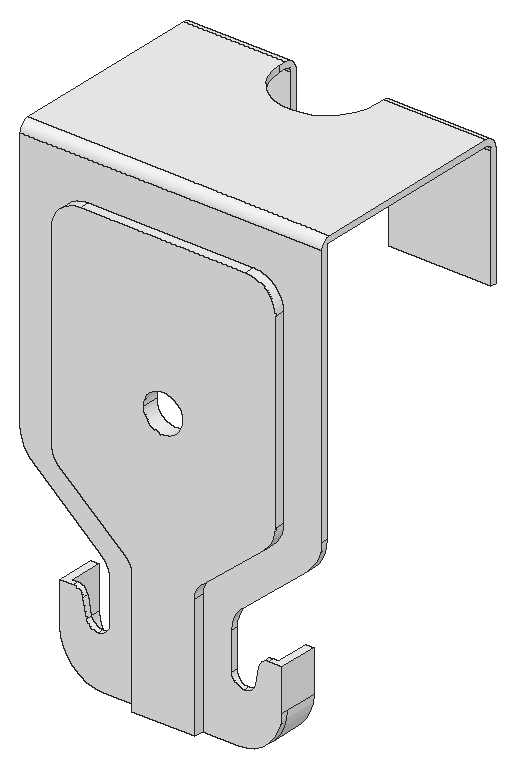
Revit family "sclip_40", category 機械設備, Revit 2022
Family settings
  丸型コネクタ寸法 = 直径を使用
  種別 = なし
  パーツ タイプ = 標準
  作業面ベース = いいえ
  常に垂直 = はい
  ロード時にボイドで切り取り = いいえ
  注釈の向きを維持 = いいえ
  共有 = いいえ
  部屋計算ポイント = いいえ
Parameters
  製造元 = "株式会社桐井製作所"
  既定の高さ = 0 mm
  URL = "https://www.kirii.co.jp/"
  K_品名 = "特殊40mmSクリップ"
  K_名称 = "特殊クリップ"
  K_入数 = "1000"
  K_バージョン情報 = "20211012"
Reference planes
  plane 1 "中心(正面/背面)": y = 0
  plane 2: z = 0
  plane 3 "中心(左/右)": x = 0
Forms (mm)
  Extrusion 1, solid
    sketch origin (0, 30, 0) x (0, 1, 0) y (0, 0, 1)
      loop
        line (-30, 0) -> (-29.4, -0.6) -> (-29.4, 48.9) -> (-9, 48.9)
        arc (-9, 48.9) -> (-8.54, 48.71) -> (-8.35, 48.25) r 0.65
        line (-8.35, 48.25) -> (-8.35, 35.15) -> (-7.75, 35.75) -> (-7.75, 48.25)
        arc (-7.75, 48.25) -> (-8.116, 49.134) -> (-9, 49.5) r 1.25
        line (-9, 49.5) -> (-29, 49.5)
        arc (-29, 49.5) -> (-29.707, 49.207) -> (-30, 48.5) r 1
        line (-30, 48.5) -> (-30, 0)
    from -15.5 to 15.5
  Extrusion 2, void
    sketch origin (0, -0.6, -0.8) x (0, 1, 0) y (0, 0, 1)
      loop
        line (0.387, 0.8) -> (0.387, -0.064) -> (1.428, -0.064) -> (1.428, 0.8) -> (0.387, 0.8)
    from -15.5 to 15.5
  Extrusion 3, solid
    sketch origin (0, 0, 0) x (1, 0, 0) y (0, 0, 1)
      loop
        arc (11.5, 41.5) -> (10.621, 43.621) -> (8.5, 44.5) r 3
        line (8.5, 44.5) -> (-8.5, 44.5)
        arc (-8.5, 44.5) -> (-10.621, 43.621) -> (-11.5, 41.5) r 3
        line (-11.5, 41.5) -> (-11.5, 21.989)
        arc (-11.5, 21.989) -> (-11.222, 20.728) -> (-10.441, 19.701) r 3
        line (-10.441, 19.701) -> (-3.956, 14.199)
        arc (-3.956, 14.199) -> (-3.435, 13.514) -> (-3.25, 12.674) r 2
        line (-3.25, 12.674) -> (-3.25, 0) -> (3.25, 0) -> (3.25, 12.674)
        arc (3.25, 12.674) -> (3.435, 13.514) -> (3.956, 14.199) r 2
        line (3.956, 14.199) -> (10.441, 19.701)
        arc (10.441, 19.701) -> (11.222, 20.728) -> (11.5, 21.989) r 3
        line (11.5, 21.989) -> (11.5, 41.5)
    from 0 to 1
  Extrusion 4, void
    sketch origin (0, 0, 0) x (1, 0, 0) y (0, 0, 1)
      loop
        line (14.117, 18.603) -> (7.288, 12.697)
        arc (7.288, 12.697) -> (6.522, 11.675) -> (6.25, 10.428) r 3
        line (6.25, 10.428) -> (6.25, 6.55)
        arc (6.25, 6.55) -> (6.616, 5.666) -> (7.5, 5.3) r 1.25
        arc (7.5, 5.3) -> (8.25, 5.55) -> (8.7, 6.2) r 1.25
        line (8.7, 6.2) -> (9.044, 7.989)
        arc (9.044, 7.989) -> (9.389, 8.571) -> (10.026, 8.8) r 1
        line (10.026, 8.8) -> (11.4, 8.8) -> (11.4, 4.5)
        arc (11.4, 4.5) -> (10.082, 1.318) -> (6.9, 0) r 4.5
        line (6.9, 0) -> (15.5, 0) -> (15.5, 21.629)
        arc (15.5, 21.629) -> (15.138, 19.965) -> (14.117, 18.603) r 4
      loop
        arc (-14.117, 18.603) -> (-15.138, 19.965) -> (-15.5, 21.629) r 4
        line (-15.5, 21.629) -> (-15.5, 0) -> (-6.9, 0)
        arc (-6.9, 0) -> (-10.082, 1.318) -> (-11.4, 4.5) r 4.5
        line (-11.4, 4.5) -> (-11.4, 8.8) -> (-10.026, 8.8)
        arc (-10.026, 8.8) -> (-9.389, 8.571) -> (-9.044, 7.989) r 1
        line (-9.044, 7.989) -> (-8.7, 6.2)
        arc (-8.7, 6.2) -> (-8.25, 5.55) -> (-7.5, 5.3) r 1.25
        arc (-7.5, 5.3) -> (-6.616, 5.666) -> (-6.25, 6.55) r 1.25
        line (-6.25, 6.55) -> (-6.25, 10.428)
        arc (-6.25, 10.428) -> (-6.522, 11.675) -> (-7.288, 12.697) r 3
        line (-7.288, 12.697) -> (-14.117, 18.603)
    from -0.6 to 0.455
  Extrusion 5, solid
    sketch origin (0, 0, 0) x (1, 0, 0) y (0, 0, 1)
      loop
        arc (-11.4, 4.5) -> (-10.082, 1.318) -> (-6.9, 0) r 4.5
        line (-6.9, 0) -> (6.9, 0)
        arc (6.9, 0) -> (10.082, 1.318) -> (11.4, 4.5) r 4.5
        line (11.4, 4.5) -> (11.4, 8.8) -> (10.6, 8.8) -> (10.6, 4.5)
        arc (10.6, 4.5) -> (9.516, 1.884) -> (6.9, 0.8) r 3.7
        line (6.9, 0.8) -> (-6.9, 0.8)
        arc (-6.9, 0.8) -> (-9.516, 1.884) -> (-10.6, 4.5) r 3.7
        line (-10.6, 4.5) -> (-10.6, 8.8) -> (-11.4, 8.8) -> (-11.4, 4.5)
    from -4 to 0
  Extrusion 6, void
    sketch origin (0, 5.371, 10.976) x (0, 1, 0) y (0, 0, 1)
      loop
        line (15.756, 24.774) -> (15.756, 23.898) -> (16.879, 23.898) -> (16.879, 24.774) -> (15.756, 24.774)
    from -15.5 to 15.5
  Extrusion 7, void
    sketch origin (0, 9.471, 15.871) x (1, 0, 0) y (0, 1, 0)
      loop
        arc (-5, 10.629) -> (-3.536, 7.093) -> (0, 5.629) r 5
        arc (0, 5.629) -> (3.536, 7.093) -> (5, 10.629) r 5
        line (5, 10.629) -> (5, 12.779) -> (-5, 12.779) -> (-5, 10.629)
    from 19.002 to 33.629
  Extrusion 8, void
    sketch origin (0, 0, 0) x (1, 0, 0) y (0, 0, 1)
      loop
        circle (0, 28.55) r 2
    from -0.6 to 1
Cuts and joins
  Extrusion 2, Extrusion 4, Extrusion 6, Extrusion 7, Extrusion 8 cuts Extrusion 1
  Extrusion 6, Extrusion 8 cuts Extrusion 3
  Extrusion 6 cuts Extrusion 5
  joined: Extrusion 1, Extrusion 3, Extrusion 5
Dimensions and locks
  aligned and locked: level to plane 2
